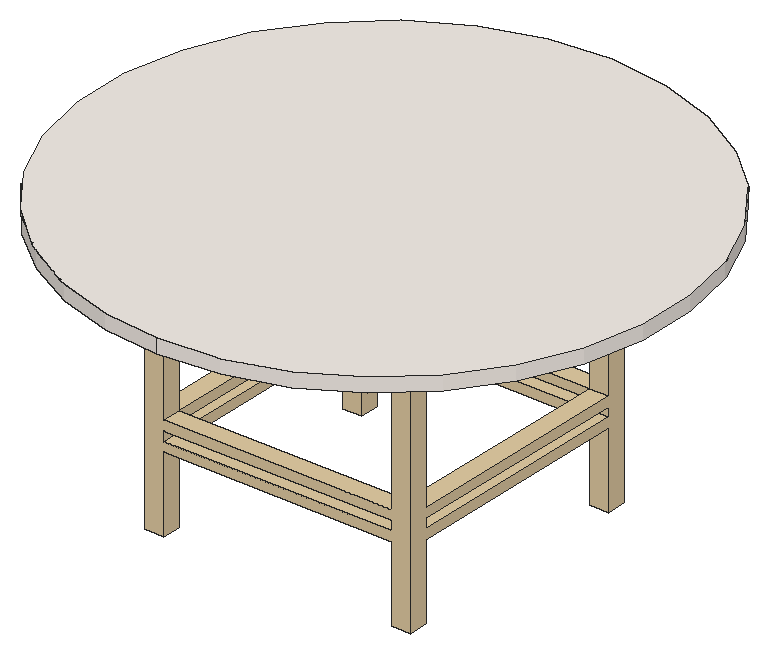
Revit family
Parameters (values of type "1525mm Diameter")
  Diameter = 1525.00 mm
  Height = 762.00 mm
  Base Material = Wood - Pine
  Top Material = Laminate - Linen,Matte
Types (4, lengths in mm): name | Diameter
  (no name) | 1525.00
  0915mm Diameter | 915.00
  1525mm Diameter | 1525.00
  2134mm Diameter | 2134.00
Reference planes
  plane 1 "Center (Front/Back)": y = -184.879
  plane 2: z = 0
  plane 3 "Center (Left/Right)": x = 103.682
  plane 4: y = 577.621
  plane 5: y = -947.379
  plane 6: x = -658.818
  plane 7: x = 866.182
  plane 8: x = -277.568
  plane 9: x = 484.932
  plane 10: y = 196.371
  plane 11: y = -566.129
  plane 12: z = 762
Forms (mm)
  Extrusion 1, solid, material "Wood - Pine" <- "Base Material"
    sketch origin (0, 0, 0) x (1, 0, 0) y (0, 1, 0)
      loop
        line (-277.568, 196.371) -> (-277.568, -566.129) -> (484.932, -566.129) -> (484.932, 196.371) -> (-277.568, 196.371)
      loop
        line (-252.168, 170.971) -> (-252.168, -540.729) -> (459.532, -540.729) -> (459.532, 170.971) -> (-252.168, 170.971)
    from 647.7 to 723.9
  Extrusion 2, solid, material "Wood - Pine" <- "Base Material"
    sketch origin (0, 0, 0) x (1, 0, 0) y (0, 1, 0)
      loop
        line (-252.168, 170.971) -> (-252.168, 120.171) -> (-201.368, 120.171) -> (-201.368, 170.971) -> (-252.168, 170.971)
      loop
        line (459.532, 170.971) -> (408.732, 170.971) -> (408.732, 120.171) -> (459.532, 120.171) -> (459.532, 170.971)
      loop
        line (459.532, -540.729) -> (459.532, -489.929) -> (408.732, -489.929) -> (408.732, -540.729) -> (459.532, -540.729)
      loop
        line (-252.168, -540.729) -> (-201.368, -540.729) -> (-201.368, -489.929) -> (-252.168, -489.929) -> (-252.168, -540.729)
    from 0 to 647.7
  Extrusion 3, solid, material "Wood - Pine" <- "Base Material"
    sketch origin (0, 0, 0) x (1, 0, 0) y (0, 1, 0)
      loop
        line (-252.168, 170.971) -> (-252.168, -540.729) -> (459.532, -540.729) -> (459.532, 170.971) -> (-252.168, 170.971)
      loop
        line (-201.368, 120.171) -> (-201.368, -489.929) -> (408.732, -489.929) -> (408.732, 120.171) -> (-201.368, 120.171)
    from 254 to 279.4
  Extrusion 4, solid, material "Wood - Pine" <- "Base Material"
    sketch origin (0, 0, 0) x (1, 0, 0) y (0, 1, 0)
      loop
        line (-252.168, 170.971) -> (-252.168, -540.729) -> (459.532, -540.729) -> (459.532, 170.971) -> (-252.168, 170.971)
      loop
        line (-201.368, 120.171) -> (-201.368, -489.929) -> (408.732, -489.929) -> (408.732, 120.171) -> (-201.368, 120.171)
    from 203.2 to 228.6
  Extrusion 5, solid, material "Laminate - Linen,Matte" <- "Top Material"
    sketch origin (0, 0, 762) x (0, -1, 0) y (-1, 0, 0)
      loop
        circle (184.879, -103.682) r 762.5
    from 0 to 38.1
Cuts and joins
  joined: Extrusion 2, Extrusion 3, Extrusion 4
Lines and regions (mm)
  Masking region 1
    outline origin (0, 0, 0) x (1, 0, 0) y (0, 1, 0)
      loop
        circle (103.682, -184.879) r 762.5
Dimensions and locks
  "Diameter": plane 6 to plane 7
  "Diameter": plane 5 to plane 4
  equal spacing: plane 6, plane 8, plane 3 "Center (Left/Right)", plane 9, plane 7
  equal spacing: plane 5, plane 11, plane 1 "Center (Front/Back)", plane 10, plane 4
  locked: Extrusion 1 sketch curve to Extrusion 1 sketch curve at 25.4  (x4)
  "Height": plane 12 to plane 2
  locked: Extrusion 2 sketch curve to Extrusion 2 sketch curve at 50.8  (x5)
  locked: Extrusion 1 to Extrusion 1 at 76.2
  aligned and locked: Extrusion 2 sketch curve to Extrusion 1  (x3)
  aligned and locked: plane 3 "Center (Left/Right)" to Extrusion 5 sketch curve
  aligned and locked: Extrusion 1 to Extrusion 5
  aligned and locked: Extrusion 2 to Extrusion 1
  aligned and locked: Masking region 1 sketch curve to Extrusion 5
  aligned: Masking region 1 sketch curve to Extrusion 5
Automatic sketch dimensions
  Extrusion 1 sketch curve to plane 8 = 0.00 mm
  Extrusion 1 sketch curve to plane 9 = 0.00 mm
  Extrusion 1 sketch curve to plane 11 = 0.00 mm
  Extrusion 1 sketch curve to plane 10 = 0.00 mm
  Extrusion 2 sketch curve to plane 8 = 25.40 mm  (x2)
  Extrusion 2 sketch curve to Extrusion 2 sketch curve = 50.80 mm  (x3)
  Extrusion 2 sketch curve to plane 11 = 25.40 mm
  plane 9 to Extrusion 2 sketch curve = 25.40 mm  (x2)
  Extrusion 3 sketch curve to plane 8 = 25.40 mm
  Extrusion 3 sketch curve to Extrusion 3 sketch curve = 50.80 mm  (x2)
  plane 9 to Extrusion 3 sketch curve = 76.20 mm
  plane 9 to Extrusion 3 sketch curve = 25.40 mm
  Extrusion 3 sketch curve to plane 11 = 25.40 mm
  Extrusion 3 sketch curve to plane 10 = 76.20 mm
  Extrusion 3 sketch curve to plane 10 = 25.40 mm
  Extrusion 4 sketch curve to plane 8 = 25.40 mm
  Extrusion 4 sketch curve to Extrusion 4 sketch curve = 50.80 mm  (x2)
  plane 9 to Extrusion 4 sketch curve = 76.20 mm
  plane 9 to Extrusion 4 sketch curve = 25.40 mm
  Extrusion 4 sketch curve to plane 11 = 25.40 mm
  Extrusion 4 sketch curve to plane 10 = 76.20 mm
  Extrusion 4 sketch curve to plane 10 = 25.40 mm
  Extrusion 5 sketch curve to plane 4 = 0.00 mm
  Extrusion 5 sketch curve to plane 1 "Center (Front/Back)" = 0.00 mm
